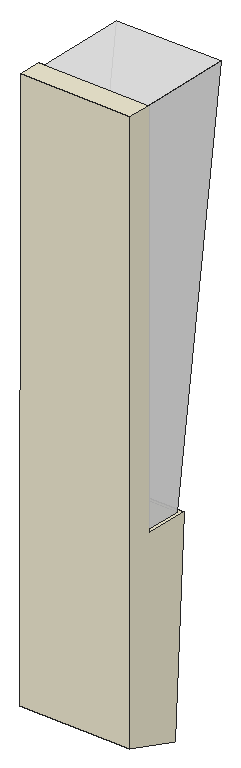
Revit family "3-513-xx - Crescent Wall Sconce", category Lighting Fixtures, host Wall, Revit 2018
Family settings
  Host = Wall
  Round Connector Dimension = Use Diameter
  Part Type = Normal
  OmniClass Number = 23.80.70.00
  OmniClass Title = Lighting
  Always vertical = Yes
  Cut with Voids When Loaded = No
  Light Source = Yes
  Shared = No
  Room Calculation Point = No
Parameters (values of type "3-513-24 / Satin Nickel - Matte White Acrylic")
  Wattage Comments = "1 x 10.1 W at 120 V"  # constant formula
  Wattage = 9.2903 W
  built-in parameter 1150110 = 1 (stored number, unit not read)
  Voltage Input = "120 V or 277 V - 50/60 Hz"  # constant formula
  Voltage = 120 V
  URL = "www.oxygenlighting.com"
  built-in parameter 1114217 = 1 (stored number, unit not read)
  built-in parameter 1150109 = 1 (stored number, unit not read)
  built-in parameter 1150134 = (empty or 0)
  built-in parameter 1150113 = 1 (stored number, unit not read)
  References = "Ref. 3 = 120 V / Ref. 37 = 277 V"  # constant formula
  Model = "3-513-xx / Crescent Wall Sconce"  # constant formula
  Metal Finish = 24 - Satin Nickel
  Manufacturer = "Oxygen Lighting and Fans"  # constant formula
  Lumens = 1380 lm
  built-in parameter 1150115 = 1 (stored number, unit not read)
  built-in parameter 1150105 = 109.82 (stored number, unit not read)
  Light Source Symbol Size = 609.6 mm
  built-in parameter 1150137 = (empty or 0)
  built-in parameter 1150139 = (empty or 0)
  built-in parameter 1150112 = 1 (stored number, unit not read)
  built-in parameter 1150114 = 1 (stored number, unit not read)
  Lamp = "LED Array"  # constant formula
  built-in parameter 1150132 = 2
  built-in parameter 1150102 = (empty or 0)
  built-in parameter 1150138 = (empty or 0)
  built-in parameter 1150107 = 3000 (stored number, unit not read)
  built-in parameter 1150106 = 1.0982 (stored number, unit not read)
  built-in parameter 1150104 = 13.8 (stored number, unit not read)
  Dimming Lamp Color Temperature Shift = <None>
  Diffuser = Matte White Acrylic
  Color Filter = 16777215
  built-in parameter 1114218 = 1 (stored number, unit not read)
  built-in parameter 1150133 = 10 (stored number, unit not read)
Reference planes
  plane 1: y = 0
  plane 2 "Light Source Axis (L/R)": x = 125
  plane 3 "Light Source Axis (F/R)": y = 120
  plane 4 "Light Source Elevation": z = 829.962
  plane 5: y = 75
  plane 6: z = 1034.664
Text (mm)
  text "Placement side" at (-1787.139, 1116.779, 0), in view "Ref. Level"
  text "Placement side" at (0, 2110.396, 2986.058), in view "Left"
  text "Placement side" at (0, 628.478, 3011.967), in view "Right"
Dimensions and locks
  locked: plane 4 "Light Source Elevation" to plane 6 at 204.702
  locked: plane 3 "Light Source Axis (F/R)" to plane 5 at 45
  aligned and locked: plane 1 to host wall
  aligned and locked: plane 2 "Light Source Axis (L/R)" to imposter light
  aligned and locked: plane 3 "Light Source Axis (F/R)" to imposter light
  aligned and locked: plane 4 "Light Source Elevation" to imposter light
  aligned and locked: plane 5 to host wall
  aligned and locked: plane 2 "Light Source Axis (L/R)" to nested 1
  aligned and locked: nested 1 to plane 5
  aligned and locked: nested 1 to plane 6
Nested families
  nested 1: "Family1" at (125, 75, 804.962), type "Family1"
Connectors
  electrical at (125, 75, 804.961), driven by "Voltage"
    settings: on nested 1, index 1, voltage 120 V, apparent load 0 VA, apparent load phase1 0 VA, apparent load phase2 0 VA, apparent load phase3 0 VA, power factor 1, load classification "Other", number of poles 1, system type 31, power factor state 1, is connector primary yes, connector utility no, sub classification motor no, connector description ""
Definition of nested family "Family1"
  Parameters (values of type "Family1")
    Metal Finish = none
    Diffuser = none
  Reference planes
    plane 1 "Center (Front/Back)": y = 0
    plane 2: z = 0
    plane 3 "Center (Left/Right)": x = 0
  Forms (mm)
    Extrusion 1, solid, material <- "Metal Finish"
      sketch origin (0, 0, 0) x (0, 1, 0) y (0, 0, 1)
        loop
          line (0.103, 229.702) -> (-0.103, -229.703) -> (46.077, -244.921)
          arc (46.077, -244.921) -> (48.287, -163.056) -> (54.474, -81.395) r 1683.993
          line (54.474, -81.395) -> (18.938, -81.395) -> (19.144, 229.702) -> (0.103, 229.702)
      from -44.45 to 44.45
    Extrusion 2, solid, material <- "Diffuser"
      sketch origin (0, 0, 0) x (0, 1, 0) y (0, 0, 1)
        loop
          line (18.938, -81.395) -> (51.43, -81.395)
          arc (51.43, -81.395) -> (68.095, 73.88) -> (95.617, 227.603) r 2223.839
          line (95.617, 227.603) -> (19.142, 227.603) -> (18.938, -81.395)
      from -42.418 to 42.418
  Dimensions and locks
    aligned and locked: level to plane 2
